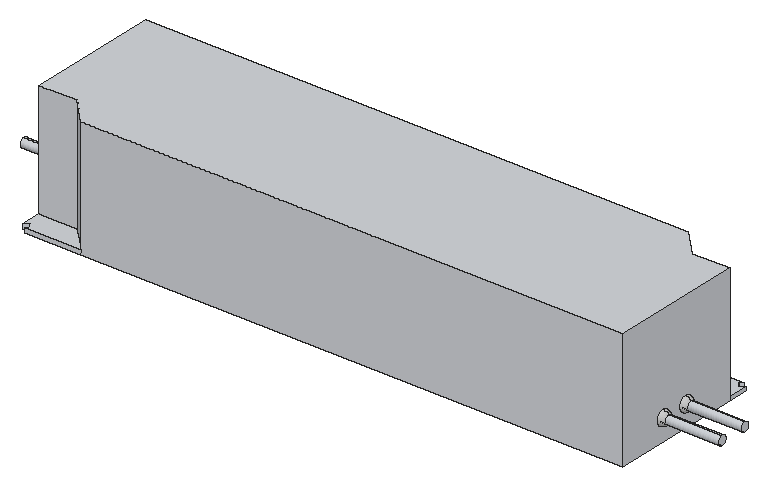
Revit family "LPV6024", category Luminarias, Revit 2019
Family settings
  Cota de conector redondo = Diámetro de uso
  Tipo de pieza = Normal
  Se basa en plano de trabajo = Sí
  Siempre vertical = No
  Corte con vacíos al cargar = No
  Origen de luz = No
  Compartido = Sí
  Punto de cálculo de habitación = No
Parameters (values of type "FUENTE_LPV6024")
  Keynote = ""
  Modelo = "LPV6024"
  Lamp = ""
  Fabricante = "BRILLANT"
  Default Elevation = 1219.2 mm
  Descripción = "FUENTE DE ALIMENTACION CON UNA CAPACIDAD DE 60W (CONSIDERAR 45-50W), ALIMENTACION ENTRADA 100-240VAC/50-60Hz, SALIDA 24VDC, 2.5A, TEMPERATURA DE OPERACIÓN: 30-70C, DIMENSIONES DE 162X42.5X32MM, IP 67."
  Comentarios de vataje = "24//100-240V"
Reference planes
  plane 1 "Centro (Frontal/Posterior)": y = 0
  plane 2: z = 0
  plane 3 "Centro (Izquierda/Derecha)": x = 0
  plane 4: x = -81
  plane 5: x = 81
  plane 6: y = 21.25
  plane 7: y = -21.25
  plane 8: z = 32
Forms (mm)
  Extrusion 1, solid
    sketch origin (0, 0, 0) x (1, 0, 0) y (0, 1, 0)
      loop
        line (81, 14.696) -> (81, 20.293) -> (79.688, 19.374) -> (78.789, 20.659) -> (79.633, 21.25) -> (64.452, 21.25) -> (71.006, 14.696) -> (81, 14.696)
      loop
        line (-81, -14.696) -> (-81, -20.293) -> (-79.688, -19.374) -> (-78.789, -20.659) -> (-79.633, -21.25) -> (-64.452, -21.25) -> (-71.006, -14.696) -> (-81, -14.696)
    from 0 to 1.098
  Extrusion 2, solid
    sketch origin (0, 0, 0) x (1, 0, 0) y (0, 1, 0)
      loop
        line (-81, 21.25) -> (-81, -14.696) -> (-71.006, -14.696) -> (-64.452, -21.25) -> (81, -21.25) -> (81, 14.696) -> (71.006, 14.696) -> (64.452, 21.25) -> (-81, 21.25)
    from 0 to 32
  Revolve 3, solid, material "Acero Inoxidable"
    sketch origin (0, -7.861, 0) x (1, 0, 0) y (0, 0, -1)
      loop
        arc (82.967, -6.087) -> (82.391, -4.697) -> (81, -4.121) r 1.967
        line (81, -4.121) -> (81, -6.087) -> (82.967, -6.087)
      axis (81, -6.087) -> (82.967, -6.087)
    angle from 0 to 360
  Revolve 4, solid, material "Acero Inoxidable"
    sketch origin (0, -0.281, 0) x (1, 0, 0) y (0, 0, 1)
      loop
        line (82.967, 6.087) -> (81, 6.087) -> (81, 4.121)
        arc (81, 4.121) -> (82.391, 4.697) -> (82.967, 6.087) r 1.967
      axis (81, 6.087) -> (82.967, 6.087)
    angle from 0 to 360
  Extrusion 5, solid
    sketch origin (45.154, 0, 35.554) x (0, 0, 1) y (0, -1, 0)
      loop
        circle (-29.467, 7.861) r 1.171
      loop
        circle (-29.467, 0.281) r 1.171
    from 35.846 to 51.979
  Revolve 6, solid, material "Acero Inoxidable"
    sketch origin (0, 7.861, 0) x (-1, 0, 0) y (0, 0, -1)
      loop
        arc (82.967, -6.087) -> (82.391, -4.697) -> (81, -4.121) r 1.967
        line (81, -4.121) -> (81, -6.087) -> (82.967, -6.087)
      axis (81, -6.087) -> (82.967, -6.087)
    angle from 0 to 360
  Revolve 7, solid, material "Acero Inoxidable"
    sketch origin (0, 0.281, 0) x (-1, 0, 0) y (0, 0, 1)
      loop
        line (82.967, 6.087) -> (81, 6.087) -> (81, 4.121)
        arc (81, 4.121) -> (82.391, 4.697) -> (82.967, 6.087) r 1.967
      axis (81, 6.087) -> (82.967, 6.087)
    angle from 0 to 360
  Extrusion 8, solid
    sketch origin (-45.154, 0, 35.554) x (0, 0, 1) y (0, 1, 0)
      loop
        circle (-29.467, 7.861) r 1.171
      loop
        circle (-29.467, 0.281) r 1.171
    from 35.846 to 51.979
Dimensions and locks
  equal spacing: plane 4, plane 3 "Centro (Izquierda/Derecha)", plane 5
  plane 4 to plane 3 "Centro (Izquierda/Derecha)" = 81 mm
  plane 4 to plane 5 = 162 mm
  equal spacing: plane 6, plane 1 "Centro (Frontal/Posterior)", plane 7
  plane 8 to level = 32 mm
  plane 1 "Centro (Frontal/Posterior)" to plane 6 = 21.25 mm
  plane 6 to plane 7 = 42.5 mm
  plane 5 to plane 4 = 162 mm
  aligned and locked: level to plane 2
  aligned and locked: plane 8 to Extrusion 2
Automatic sketch dimensions
  Extrusion 1 sketch curve to plane 4 = 0 mm
  Extrusion 1 sketch curve to plane 7 = 0 mm
  Extrusion 1 sketch curve to plane 6 = 0 mm
  Extrusion 1 sketch curve to plane 5 = 0 mm
  plane 4 to Extrusion 1 sketch curve = 1.312 mm
  plane 4 to Extrusion 1 sketch curve = 1.367 mm
  plane 7 to Extrusion 1 sketch curve = 0.591 mm
  Extrusion 1 sketch curve to Extrusion 1 sketch curve = 0.845 mm  (x2)
  Extrusion 1 sketch curve to Extrusion 1 sketch curve = 7.783 mm
  Extrusion 1 sketch curve to Extrusion 1 sketch curve = 6.554 mm  (x2)
  Extrusion 1 sketch curve to plane 5 = 16.548 mm
  Extrusion 1 sketch curve to plane 6 = 0.591 mm
  Extrusion 1 sketch curve to plane 5 = 2.211 mm
  Extrusion 1 sketch curve to plane 5 = 1.312 mm
  plane 7 to Extrusion 1 sketch curve = 6.554 mm
  Extrusion 1 sketch curve to plane 6 = 6.554 mm
  Extrusion 2 sketch curve to plane 4 = 0 mm
  Extrusion 2 sketch curve to plane 7 = 0 mm
  Extrusion 2 sketch curve to plane 6 = 0 mm
  Extrusion 2 sketch curve to plane 5 = 0 mm
  Extrusion 2 sketch curve to Extrusion 2 sketch curve = 9.994 mm
  Extrusion 2 sketch curve to Extrusion 2 sketch curve = 6.554 mm  (x2)
  Extrusion 2 sketch curve to plane 5 = 16.548 mm
  plane 7 to Extrusion 2 sketch curve = 6.554 mm
  Extrusion 2 sketch curve to plane 6 = 6.554 mm
  Revolve 3 sketch curve to plane 5 = 0 mm
  plane 5 to Revolve 3 sketch curve = 1.967 mm
  level to Revolve 3 sketch curve = 6.087 mm
  Revolve 3 sketch curve to Revolve 3 sketch curve = 0 mm  (x2)
  Revolve 3 sketch curve to Revolve 3 sketch curve = 5.81 mm
  Revolve 4 sketch curve to plane 5 = 0 mm
  plane 5 to Revolve 4 sketch curve = 1.967 mm
  level to Revolve 4 sketch curve = 4.121 mm
  Revolve 4 sketch curve to Revolve 4 sketch curve = 0 mm  (x2)
  Revolve 4 sketch curve to Revolve 4 sketch curve = 5.81 mm
  plane 1 "Centro (Frontal/Posterior)" to Extrusion 5 sketch curve = 0.281 mm
  level to Extrusion 5 sketch curve = 6.087 mm  (x2)
  Extrusion 5 sketch curve to Extrusion 5 sketch curve = 7.58 mm
  Revolve 6 sketch curve to plane 4 = 0 mm
  Revolve 6 sketch curve to plane 4 = 1.967 mm
  level to Revolve 6 sketch curve = 6.087 mm
  Revolve 6 sketch curve to Revolve 6 sketch curve = 0 mm  (x2)
  Revolve 6 sketch curve to Revolve 6 sketch curve = 5.81 mm
  Revolve 7 sketch curve to plane 4 = 0 mm
  Revolve 7 sketch curve to plane 4 = 1.967 mm
  level to Revolve 7 sketch curve = 4.121 mm
  Revolve 7 sketch curve to Revolve 7 sketch curve = 0 mm  (x2)
  Revolve 7 sketch curve to Revolve 7 sketch curve = 5.81 mm
  Extrusion 8 sketch curve to plane 1 "Centro (Frontal/Posterior)" = 0.281 mm
  level to Extrusion 8 sketch curve = 6.087 mm  (x2)
  Extrusion 8 sketch curve to Extrusion 8 sketch curve = 7.58 mm
  radius of Extrusion 5 sketch curve = 1.171 mm  (x2)
  radius of Extrusion 8 sketch curve = 1.171 mm  (x2)
Connectors
  electrical at (81, -3.277, 16)
    settings: on Extrusion 2, index 1, voltage 240 V, apparent load 0 VA, apparent load phase1 0 VA, apparent load phase2 0 VA, apparent load phase3 0 VA, power factor 1, load classification "Otro", number of poles 1, system type 31, power factor state 1, is connector primary yes, connector utility no, sub classification motor no, connector description ""
  electrical at (-81, 3.277, 16)
    settings: on Extrusion 2, index 2, voltage 24 V, apparent load 0 VA, apparent load phase1 0 VA, apparent load phase2 0 VA, apparent load phase3 0 VA, power factor 1, load classification "Otro", number of poles 1, system type 31, power factor state 1, is connector primary no, connector utility no, sub classification motor no, connector description ""
